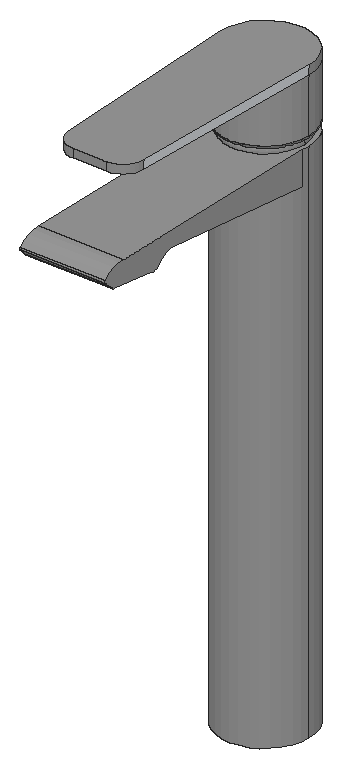
Revit family "LAV ALTA URBAN-N", category Plumbing Fixtures, Revit 2019
Family settings
  Round Connector Dimension = Use Diameter
  Part Type = Normal
  OmniClass Number = 23.45.00.00
  OmniClass Title = Sanitary, Laundry, and Cleaning Equipment
  Work Plane-Based = No
  Always vertical = Yes
  Cut with Voids When Loaded = No
  Shared = No
  Room Calculation Point = No
Reference planes
  plane 1 "Center (Front/Back)": y = 0
  plane 2: z = 0
  plane 3 "Center (Left/Right)": x = 0
Forms (mm)
  Revolve 1, solid
    sketch origin (0, 0, 0) x (1, 0, 0) y (0, 0, 1)
      loop
        line (0, -149.598) -> (21, -149.598) -> (21, 102.5) -> (18.733, 102.5)
        arc (18.733, 102.5) -> (18.612, 104.438) -> (17.459, 106) r 3.429
        line (17.459, 106) -> (20.103, 106)
        arc (20.103, 106) -> (20.737, 106.263) -> (21, 106.897) r 0.897
        line (21, 106.897) -> (21, 133) -> (0, 133) -> (0, -149.598)
      axis (0, -149.598) -> (0, 133)
    angle from 0 to 360
  Extrusion 2, solid
    sketch origin (0, 0, 0) x (0, 1, 0) y (0, 0, 1)
      loop
        line (0, 102.5) -> (-110, 102.5)
        arc (-110, 102.5) -> (-115.813, 101.328) -> (-120.717, 97.995) r 15
        arc (-120.717, 97.995) -> (-120.931, 97.467) -> (-120.712, 96.943) r 0.748
        line (-120.712, 96.943) -> (-117.498, 93.729)
        arc (-117.498, 93.729) -> (-116.384, 92.93) -> (-115.073, 92.53) r 4.218
        line (-115.073, 92.53) -> (-93.08, 89.598)
        arc (-93.08, 89.598) -> (-90.816, 89.818) -> (-88.884, 91.019) r 5
        line (-88.884, 91.019) -> (-87.267, 92.636)
        arc (-87.267, 92.636) -> (-84.28, 94.52) -> (-80.773, 94.935) r 8
        line (-80.773, 94.935) -> (0, 86.445) -> (0, 102.5)
    from -19.774 to 20.597
  Extrusion 3, solid
    sketch origin (0, 0, 0) x (1, 0, 0) y (0, 1, 0)
      loop
        line (-21, 0) -> (-17.705, -94.349)
        arc (-17.705, -94.349) -> (-14.658, -101.193) -> (-7.711, -104) r 10
        line (-7.711, -104) -> (7.711, -104)
        arc (7.711, -104) -> (14.658, -101.193) -> (17.705, -94.349) r 10
        line (17.705, -94.349) -> (21, 0)
        arc (21, 0) -> (0, 21) -> (-21, 0) r 21
    from 133 to 137.025
Cuts and joins
  joined: Revolve 1, Extrusion 2
Dimensions and locks
  aligned and locked: level to plane 2
